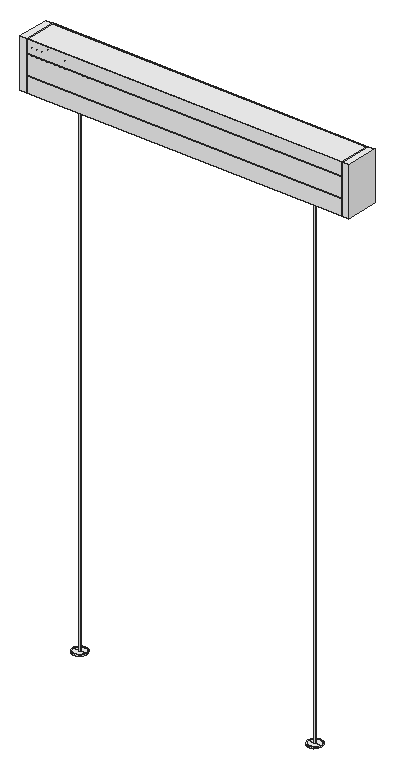
Revit family "2.3 inch  MAGIC WALL WASH LINEAR LIGHT", category Lighting Fixtures, host Face, Revit 2020 (continued)
Types (17): name | Wattage Comments | Wattage | Wall Mount | Suspenders Distance | Surface Mount | Recessed Mount | Photometric Web File | Pendent Mount | Order number | built-in parameter 1150142 | Model | built-in parameter 1150105 | Lumens | Light Source Height | Light Source Distance | built-in parameter 1150106 | Fixture Length
    .82   757.25   732.78   708.56   684.73   \r\n 661.76   639.07   616.75   594.82   573.15   552.07   531.44   511.12   490.86   470.89   \r\n 451.24   432.56   414.20   396.28   378.47   360.98   343.80   327.24   310.99   295.04   \r\n 279.45   264.17   249.15   234.40   220.03   205.93   192.09   178.53   165.72   154.04   \r\n 142.54   131.22   120.10   109.16   98.37    87.74    77.25    66.89    56.69    46.60    \r\n 39.48    35.65    31.90    28.23    24.62    21.07    17.57    14.10    10.66    7.24     \r\n 3.83     3.65     3.47     3.28     3.10     2.92     2.73     2.55     2.36     2.18     \r\n 1.99     1.85     1.74     1.64     1.54     1.44     1.34     1.24     1.14     1.04     \r\n 0.94     0.85     0.75     0.70     0.68     0.66     0.64     0.63     0.62     0.61     \r\n 0.61     0.61     0.61     0.62     0.62     0.63     0.65     0.66     0.67     0.68     \r\n 0.69     0.70     0.71     0.72     0.73     0.74     0.75     0.77     0.78     0.79     \r\n 0.80     0.81     0.83     0.84     0.86     0.87     0.88     0.89     0.90     0.92     \r\n 0.94     0.96     0.97     0.98     0.99     1.02     1.04     1.05     1.06     1.07     \r\n 1.09     1.10     1.12     1.14     1.16     1.17     1.19     1.20     1.22     1.24     \r\n 1.26     1.28     1.29     1.31     1.33     1.35     1.37     1.39     1.41     1.43     \r\n 1.45     1.47     1.49     1.51     1.53     1.55     1.57     1.59     1.61     1.64     \r\n 1.66     1.68     1.70     1.72     1.74     1.76     1.78     1.80     1.82     1.85     \r\n 1.87     1.89     1.91     1.94     1.96     1.99     2.01     2.04     2.07     2.09     \r\n 2.11     2.14     2.17     2.20     2.22     2.25     2.27     2.30     2.33     2.35     \r\n 2.38     2.41     2.44     2.47     2.50     2.53     2.56     2.59     2.62     2.66     \r\n 2.69     2.72     2.74     2.77     2.81     2.84     2.87     2.90     2.93     2.97     \r\n 3.00     3.03     3.07     3.10     3.13     3.16     3.20     3.24     3.27     3.31     \r\n 3.34     3.38     3.41     3.45     3.48     3.52     3.55     3.59     3.62     3.66     \r\n 3.70     3.73     3.77     3.80     3.84     3.87     3.90     3.94     3.97     4.00     \r\n 4.26     \r\n1793.11  1805.46  1817.74  1829.18  1840.41  1851.21  1861.71  1871.88  1881.49  1890.95  \r\n 1899.86  1908.75  1917.54  1926.29  1934.60  1942.73  1950.49  1957.96  1965.24  1972.20  \r\n 1979.08  1985.31  1991.49  1997.49  2003.45  2009.12  2014.64  2019.69  2024.26  2028.85  \r\n 2033.48  2038.07  2041.94  2045.79  2049.14  2052.38  2055.30  2057.96  2060.35  2062.26  \r\n 2064.20  2066.85  2069.50  2070.82  2071.93  2072.43  2072.63  2072.60  2072.22  2071.63  \r\n 2070.20  2068.72  2067.00  2065.18  2062.96  2060.58  2058.00  2055.16  2051.96  2046.85  \r\n 2041.67  2036.80  2031.90  2025.95  2019.29  2011.73  2001.72  1991.56  1979.75  1967.87  \r\n 1955.40  1942.68  1929.69  1916.42  1903.04  1889.03  1874.91  1859.78  1844.34  1828.41  \r\n 1811.97  1795.37  1778.05  1760.63  1742.43  1724.05  1705.15  1685.50  1665.77  1645.47  \r\n 1625.18  1604.78  1584.25  1563.38  1541.61  1519.85  1497.39  1474.80  1452.28  1429.88  \r\n 1407.49  1384.81  1362.13  1339.01  1315.32  1291.65  1268.02  1244.45  1219.14  1191.38  \r\n 1163.83  1136.86  1110.12  1083.52  1057.14  1030.95  1004.41  977.74   951.31   925.63   \r\n 900.25   875.03   849.64   824.50   800.04   776.40   753.01   729.43   705.81   682.47   \r\n 659.78   637.56   615.64   593.86   572.24   551.26   531.05   511.40   491.99   472.79   \r\n 453.73   434.93   416.38   398.09   380.05   362.28   344.89   328.07   311.48   295.14   \r\n 279.00   263.04   247.33   232.80   219.74   206.97   194.37   181.92   169.63   157.48   \r\n 145.49   133.62   121.89   110.28   98.78    87.39    76.12    64.94    59.43    54.47    \r\n 49.59    44.78    40.04    35.36    30.72    26.14    21.59    17.07    12.57    8.09     \r\n 3.61     3.45     3.28     3.12     2.95     2.78     2.62     2.45     2.28     2.12     \r\n 1.95     1.78     1.61     1.45     1.37     1.30     1.22     1.15     1.08     1.01     \r\n 0.95     0.88     0.82     0.77     0.71     0.66     0.61     0.56     0.55     0.56     \r\n 0.57     0.58     0.59     0.60     0.61     0.63     0.64     0.65     0.67     0.69     \r\n 0.70     0.72     0.74     0.75     0.77     0.78     0.80     0.81     0.82     0.83     \r\n 0.85     0.86     0.87     0.89     0.90     0.91     0.92     0.93     0.95     0.96     \r\n 0.98     0.99     1.00     1.01     1.02     1.04     1.05     1.07     1.09     1.10     \r\n 1.12     1.13     1.15     1.16     1.18     1.20     1.21     1.23     1.25     1.27     \r\n 1.29     1.30     1.32     1.34     1.36     1.38     1.40     1.41     1.43     1.46     \r\n 1.48     1.49     1.51     1.53     1.55     1.57     1.59     1.62     1.64     1.66     \r\n 1.68     1.70     1.72     1.74     1.77     1.79     1.81     1.84     1.86     1.89     \r\n 1.92     1.94     1.97     2.00     2.03     2.06     2.09     2.11     2.13     2.16     \r\n 2.19     2.21     2.23     2.26     2.28     2.31     2.33     2.36     2.39     2.42     \r\n 2.44     2.47     2.50     2.52     2.55     2.58     2.61     2.65     2.68     2.71     \r\n 2.73     2.76     2.79     2.82     2.85     2.88     2.91     2.94     2.97     3.01     \r\n 3.04     3.07     3.10     3.13     3.16     3.20     3.23     3.27     3.30     3.33     \r\n 3.37     3.40     3.43     3.47     3.50     3.54     3.57     3.60     3.64     3.67     \r\n 3.71     3.74     3.78     3.81     3.84     3.88     3.91     3.94     3.97     4.00     \r\n 4.26     \r\n1793.11  1804.77  1816.34  1827.20  1837.76  1848.05  1857.92  1867.72  1876.71  1885.65  \r\n 1894.12  1902.42  1910.67  1918.81  1926.85  1934.37  1941.81  1948.81  1955.69  1962.34  \r\n 1968.79  1975.11  1980.73  1986.30  1991.75  1997.17  2002.32  2007.24  2011.95  2016.06  \r\n 2020.16  2024.30  2028.44  2032.15  2035.51  2038.74  2041.61  2044.48  2046.70  2048.77  \r\n 2050.41  2051.65  2053.02  2055.28  2057.55  2058.39  2058.89  2059.07  2058.93  2058.71  \r\n 2057.89  2057.03  2055.39  2053.45  2051.31  2048.84  2046.27  2041.44  2035.21  2028.60  \r\n 2021.67  2014.27  2005.22  1996.14  1987.14  1978.10  1968.52  1958.01  1947.45  1936.58  \r\n 1925.60  1913.84  1901.24  1888.54  1875.19  1861.77  1848.22  1834.58  1820.84  1805.93  \r\n 1790.90  1775.28  1759.20  1743.00  1726.14  1709.22  1691.76  1673.77  1655.68  1637.49  \r\n 1619.32  1600.54  1580.72  1560.85  1540.93  1521.02  1501.02  1480.41  1459.74  1435.23  \r\n 1409.55  1383.93  1357.82  1331.69  1305.68  1279.94  1254.29  1228.68  1203.01  1177.46  \r\n 1151.65  1125.65  1099.82  1074.11  1048.53  1023.10  997.66   972.37   947.31   922.33   \r\n 897.47   872.77   848.52   824.57   800.81   776.98   753.20   729.70   706.97   684.89   \r\n 663.04   641.43   619.56   597.97   576.65   555.92   535.71   515.73   495.98   476.30   \r\n 456.86   437.70   418.82   400.24   381.89   363.76   345.85   328.28   311.56   297.11   \r\n 282.80   268.65   254.59   240.67   226.92   213.32   199.87   186.55   173.35   160.30   \r\n 147.38   134.60   121.94   109.40   96.98    86.35    80.55    74.80    69.10    63.45    \r\n 57.84    52.28    46.76    41.27    35.81    30.37    24.96    19.56    14.17    8.80     \r\n 3.43     3.27     3.12     2.96     2.81     2.65     2.49     2.34     2.18     2.02     \r\n 1.87     1.71     1.55     1.40     1.24     1.08     1.01     0.97     0.94     0.90     \r\n 0.87     0.84     0.81     0.78     0.76     0.73     0.70     0.68     0.66     0.64     \r\n 0.62     0.61     0.59     0.60     0.61     0.63     0.64     0.65     0.67     0.69     \r\n 0.70     0.72     0.73     0.75     0.77     0.79     0.80     0.82     0.84     0.85     \r\n 0.87     0.89     0.91     0.93     0.94     0.95     0.96     0.97     0.99     1.00     \r\n 1.01     1.02     1.04     1.05     1.06     1.08     1.09     1.11     1.12     1.14     \r\n 1.15     1.17     1.19     1.20     1.22     1.23     1.25     1.27     1.29     1.32     \r\n 1.33     1.34     1.36     1.39     1.41     1.42     1.44     1.45     1.47     1.49     \r\n 1.51     1.53     1.55     1.57     1.60     1.62     1.63     1.65     1.67     1.69     \r\n 1.72     1.74     1.76     1.78     1.81     1.83     1.85     1.88     1.90     1.93     \r\n 1.96     1.99     2.02     2.04     2.07     2.10     2.13     2.16     2.18     2.21     \r\n 2.24     2.27     2.30     2.33     2.35     2.38     2.41     2.43     2.46     2.48     \r\n 2.51     2.53     2.56     2.59     2.62     2.65     2.68     2.70     2.73     2.76     \r\n 2.79     2.81     2.84     2.87     2.90     2.93     2.96     2.99     3.02     3.05     \r\n 3.08     3.11     3.14     3.17     3.20     3.24     3.27     3.30     3.33     3.37     \r\n 3.40     3.43     3.46     3.49     3.53     3.56     3.59     3.62     3.66     3.69     \r\n 3.72     3.76     3.79     3.82     3.85     3.88     3.91     3.95     3.97     4.00     \r\n 4.26     \r\n1793.11  1803.98  1814.76  1824.98  1834.80  1844.52  1853.68  1862.83  1871.41  1879.67  \r\n 1887.75  1895.42  1903.06  1910.58  1918.03  1925.26  1932.05  1938.77  1945.08  1951.32  \r\n 1957.40  1963.30  1969.21  1974.22  1979.15  1984.02  1988.85  1993.62  1997.92  2002.17  \r\n 2006.03  2009.63  2013.23  2016.86  2020.47  2023.58  2026.42  2029.17  2031.63  2034.10  \r\n 2035.96  2037.47  2038.77  2039.37  2039.88  2041.27  2043.13  2044.68  2044.62  2044.49  \r\n 2044.13  2040.02  2035.47  2030.23  2024.92  2019.06  2012.78  2006.45  1999.66  1992.82  \r\n 1985.83  1978.62  1971.31  1963.38  1955.25  1946.63  1937.04  1927.43  1917.67  1907.77  \r\n 1897.73  1886.65  1875.51  1864.13  1852.41  1840.59  1827.71  1814.45  1801.08  1787.20  \r\n 1773.26  1759.32  1745.46  1731.59  1716.59  1700.91  1685.11  1668.69  1652.13  1635.45  \r\n 1618.36  1598.01  1575.41  1552.12  1528.86  1505.82  1483.01  1460.18  1436.49  1412.09  \r\n 1387.72  1363.47  1339.29  1315.14  1290.73  1266.21  1241.75  1217.09  1192.30  1167.57  \r\n 1142.80  1117.99  1093.29  1068.74  1044.39  1020.15  996.02   971.87   947.83   923.92   \r\n 899.98   875.94   852.01   828.28   804.64   781.24   758.06   735.15   712.50   690.08   \r\n 667.87   645.78   623.91   602.30   580.95   559.86   538.99   518.32   497.84   477.62   \r\n 457.67   437.96   418.48   399.23   382.18   366.40   350.77   335.29   319.95   304.67   \r\n 289.50   274.49   259.61   244.89   230.30   215.90   201.64   187.49   173.45   159.51   \r\n 145.66   131.91   118.24   108.01   101.58   95.19    88.85    82.55    76.29    70.06    \r\n 63.88    57.72    51.59    45.49    39.41    33.35    27.30    21.27    15.25    9.23     \r\n 3.22     3.07     2.93     2.79     2.65     2.51     2.36     2.22     2.08     1.93     \r\n 1.79     1.65     1.51     1.36     1.22     1.08     0.94     0.80     0.72     0.71     \r\n 0.70     0.69     0.68     0.67     0.66     0.65     0.64     0.64     0.64     0.64     \r\n 0.64     0.64     0.64     0.64     0.65     0.65     0.66     0.67     0.68     0.70     \r\n 0.71     0.72     0.74     0.76     0.77     0.79     0.81     0.82     0.84     0.86     \r\n 0.88     0.90     0.91     0.93     0.95     0.97     0.99     1.00     1.02     1.04     \r\n 1.06     1.07     1.08     1.09     1.11     1.12     1.14     1.16     1.17     1.19     \r\n 1.21     1.22     1.24     1.25     1.27     1.29     1.30     1.32     1.34     1.35     \r\n 1.37     1.39     1.41     1.43     1.45     1.46     1.49     1.51     1.54     1.55     \r\n 1.57     1.58     1.60     1.62     1.65     1.66     1.68     1.70     1.72     1.75     \r\n 1.77     1.79     1.81     1.83     1.86     1.89     1.92     1.95     1.97     1.99     \r\n 2.01     2.04     2.07     2.09     2.12     2.15     2.17     2.20     2.23     2.26     \r\n 2.28     2.31     2.35     2.38     2.41     2.44     2.47     2.50     2.53     2.56     \r\n 2.59     2.61     2.64     2.66     2.69     2.72     2.74     2.77     2.80     2.83     \r\n 2.85     2.88     2.91     2.93     2.96     2.99     3.02     3.05     3.07     3.10     \r\n 3.13     3.16     3.19     3.22     3.25     3.28     3.31     3.34     3.37     3.40     \r\n 3.43     3.46     3.49     3.53     3.56     3.59     3.62     3.65     3.68     3.71     \r\n 3.74     3.77     3.80     3.83     3.86     3.89     3.92     3.95     3.98     4.00     \r\n 4.26     \r\n1793.11  1803.12  1813.02  1822.53  1831.53  1840.51  1849.02  1857.39  1865.62  1873.15  \r\n 1880.61  1887.78  1894.73  1901.65  1908.41  1915.12  1921.60  1927.64  1933.59  1939.28  \r\n 1944.84  1950.35  1955.65  1960.96  1965.84  1970.12  1974.32  1978.53  1982.72  1986.80  \r\n 1990.43  1993.99  1997.30  2000.37  2003.43  2006.51  2009.56  2012.47  2014.77  2017.03  \r\n 2019.17  2021.21  2023.26  2024.41  2025.31  2026.04  2022.78  2018.34  2014.51  2011.51  \r\n 2008.44  2004.10  1999.20  1994.27  1989.03  1983.72  1978.21  1972.08  1965.89  1959.33  \r\n 1952.37  1945.37  1938.03  1930.48  1922.88  1914.83  1906.61  1898.28  1889.18  1879.97  \r\n 1870.51  1860.48  1850.43  1840.21  1829.59  1818.89  1807.81  1796.24  1784.62  1772.65  \r\n 1760.27  1747.80  1734.70  1721.00  1706.45  1686.89  1667.09  1647.23  1627.44  1607.72  \r\n 1587.90  1567.44  1546.05  1524.65  1503.09  1480.96  1458.78  1436.55  1414.29  1392.03  \r\n 1369.76  1347.06  1324.26  1301.50  1278.80  1256.13  1233.46  1210.74  1187.01  1163.32  \r\n 1139.67  1116.10  1092.61  1069.16  1045.75  1021.78  997.37   973.10   948.93   924.66   \r\n 900.59   876.70   852.99   829.45   806.09   782.91   759.92   737.11   714.48   692.01   \r\n 669.70   647.56   625.58   603.77   582.13   560.62   539.13   517.81   496.64   475.64   \r\n 457.48   440.54   423.73   407.06   390.53   374.13   357.86   341.73   325.71   309.80   \r\n 294.01   278.32   262.75   247.30   231.94   216.67   201.49   186.38   171.35   156.39   \r\n 141.50   130.93   123.95   117.00   110.09   103.22   96.39    89.58    82.80    76.05    \r\n 69.33    62.63    55.95    49.29    42.64    36.01    29.39    22.78    16.17    9.57     \r\n 2.97     2.85     2.72     2.59     2.46     2.34     2.21     2.08     1.95     1.82     \r\n 1.70     1.57     1.44     1.32     1.19     1.07     0.94     0.82     0.70     0.57     \r\n 0.51     0.52     0.53     0.54     0.55     0.55     0.56     0.57     0.58     0.60     \r\n 0.61     0.62     0.63     0.65     0.66     0.67     0.68     0.70     0.71     0.72     \r\n 0.73     0.74     0.76     0.78     0.79     0.81     0.83     0.84     0.86     0.87     \r\n 0.89     0.91     0.93     0.95     0.97     0.99     1.01     1.03     1.05     1.07     \r\n 1.08     1.10     1.12     1.14     1.16     1.18     1.20     1.21     1.23     1.25     \r\n 1.26     1.28     1.29     1.31     1.32     1.34     1.36     1.38     1.40     1.41     \r\n 1.43     1.45     1.46     1.48     1.50     1.52     1.54     1.56     1.58     1.60     \r\n 1.62     1.64     1.66     1.69     1.70     1.72     1.74     1.77     1.79     1.82     \r\n 1.85     1.88     1.90     1.91     1.93     1.95     1.98     2.00     2.03     2.06     \r\n 2.08     2.11     2.13     2.16     2.18     2.21     2.24     2.27     2.29     2.32     \r\n 2.35     2.38     2.41     2.44     2.46     2.49     2.52     2.55     2.58     2.61     \r\n 2.64     2.67     2.71     2.74     2.77     2.80     2.83     2.85     2.88     2.90     \r\n 2.92     2.95     2.98     3.00     3.03     3.06     3.08     3.11     3.13     3.16     \r\n 3.19     3.22     3.25     3.27     3.30     3.33     3.36     3.39     3.41     3.44     \r\n 3.47     3.50     3.53     3.56     3.59     3.61     3.64     3.67     3.70     3.73     \r\n 3.76     3.79     3.82     3.84     3.87     3.90     3.93     3.96     3.98     4.00     \r\n 4.26     \r\n1793.11  1802.18  1811.14  1819.88  1828.00  1836.09  1843.99  1851.52  1859.04  1866.15  \r\n 1872.83  1879.46  1885.78  1891.95  1898.11  1904.10  1910.02  1915.89  1921.15  1926.32  \r\n 1931.38  1936.23  1941.05  1945.79  1950.45  1955.12  1959.32  1962.87  1966.35  1969.86  \r\n 1973.39  1976.88  1979.99  1982.88  1985.70  1988.28  1990.79  1993.29  1995.78  1998.25  
